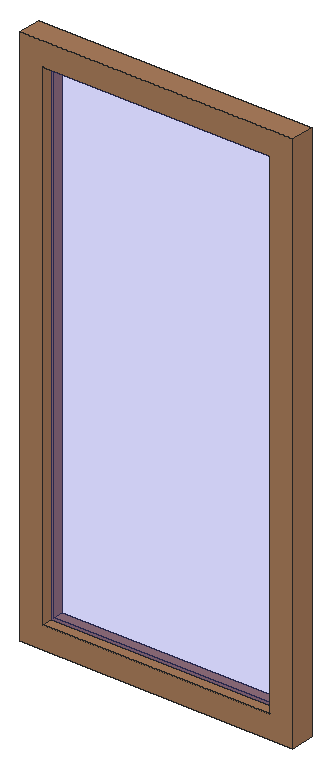
Revit family "PKNail Fixed", category Windows, host Wall, Revit 2017
Family settings
  Host = Wall
  OmniClass Number = 23.30.20.00
  OmniClass Title = Windows
  Always vertical = Yes
  Cut with Voids When Loaded = No
  Shared = No
  Room Calculation Point = No
Parameters (values of type "600 x 1200mm")
  PKNail Family Lateral Orientation = "None"
  PKNail Family Facing Orientation = "Facing"
  PKNail Family = "Fixed"
  Height = 1200.00 mm
  Default Sill Height = 915.00 mm
  Wall Closure = By host
  Width = 600.00 mm
Reference planes
  plane 1 "Center (Front/Back)": y = 0
  plane 2: z = 0
  plane 3 "Center (Left/Right)": x = 0
  plane 4 "Left": x = -300
  plane 5 "Right": x = 300
  plane 6 "Sill": z = 915
  plane 7 "Top": z = 2115
  plane 8: y = 76.2
Forms (mm)
  Extrusion 1, solid, material "Default"
    sketch origin (-1524, 76.2, 0) x (-1, 0, 0) y (0, 0, 1)
      loop
        line (-1824, 2115) -> (-1824, 915) -> (-1224, 915) -> (-1224, 2115) -> (-1824, 2115)
      loop
        line (-1773.2, 2064.2) -> (-1773.2, 965.8) -> (-1274.8, 965.8) -> (-1274.8, 2064.2) -> (-1773.2, 2064.2)
    from 0 to -50.8
  Extrusion 2, void
    sketch origin (-1524, 76.2, 0) x (1, 0, 0) y (0, 0, 1)
      loop
        line (1785.9, 2076.9) -> (1262.1, 2076.9) -> (1262.1, 953.1) -> (1785.9, 953.1) -> (1785.9, 2076.9)
    from 22.225 to 28.575
  Extrusion 3, solid, material "Glass"
    sketch origin (-1524, 76.2, 0) x (-1, 0, 0) y (0, 0, 1)
      loop
        line (-1785.9, 2076.9) -> (-1785.9, 953.1) -> (-1262.1, 953.1) -> (-1262.1, 2076.9) -> (-1785.9, 2076.9)
    from -28.575 to -22.225
Cuts and joins
  Extrusion 2 cuts Extrusion 1
Lines and regions (mm)
  Opening 1
    outline origin (-1524, -76.2, 0) x (1, 0, 0) y (0, 0, 1)
      loop
        line (1224, 2115) -> (1224, 915) -> (1824, 915) -> (1824, 2115) -> (1224, 2115)
Text (mm)
  text "EXTERIOR" at (-1490.695, 1293.036, 0), in view "Ref. Level"
  text "INTERIOR" at (-1490.695, -959.266, 0), in view "Ref. Level"
  text "Exterior" at (0, 1108.87, 3129.179), in view "Left"
  text "Exterior" at (0, 464.664, 3176.206), in view "Right"
Dimensions and locks
  equal spacing: plane 4 "Left", plane 3 "Center (Left/Right)", plane 5 "Right"
  "Width": plane 4 "Left" to plane 5 "Right"
  "Height": plane 6 "Sill" to plane 7 "Top"
  "Default Sill Height": plane 2 to plane 6 "Sill"
  aligned and locked: plane 7 "Top" to Opening 1 sketch curve
  aligned and locked: plane 6 "Sill" to Opening 1 sketch curve  (x2)
  aligned and locked: plane 5 "Right" to Opening 1 sketch curve
  aligned and locked: plane 4 "Left" to Opening 1 sketch curve
  aligned and locked: host wall to Extrusion 1 sketch curve
  aligned and locked: Extrusion 1 sketch curve to host wall  (x3)
Automatic sketch dimensions
  plane 5 "Right" to Extrusion 1 sketch curve = 50.80 mm
  Extrusion 1 sketch curve to plane 4 "Left" = 50.80 mm
  Extrusion 1 sketch curve to plane 6 "Sill" = 50.80 mm
  plane 7 "Top" to Extrusion 1 sketch curve = 50.80 mm
  Extrusion 2 sketch curve to plane 4 "Left" = 38.10 mm
  plane 5 "Right" to Extrusion 2 sketch curve = 38.10 mm
  Extrusion 2 sketch curve to plane 6 "Sill" = 38.10 mm
  plane 7 "Top" to Extrusion 2 sketch curve = 38.10 mm
  plane 5 "Right" to Extrusion 3 sketch curve = 38.10 mm
  Extrusion 3 sketch curve to plane 4 "Left" = 38.10 mm
  Extrusion 3 sketch curve to plane 6 "Sill" = 38.10 mm
  plane 7 "Top" to Extrusion 3 sketch curve = 38.10 mm
